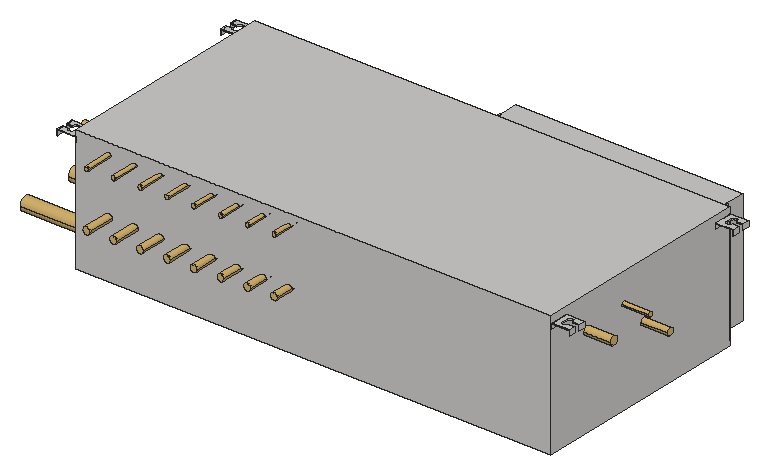
Revit family
Parameters (values of type "CMB-P108NU-GA")
  Width = 1111.25 mm
  URL = ""
  Subcategory = "HVAC"
  Specification URL = "http://www.mrslim.com/customerCare/resources.asp"
  Single Branch Maximum Capacity (BTUH) = "540000"
  Refrigerant Sub BC Controller ≤ 72,000 Btu/h Low Pressure Pipe = "3/4\" Brazed"
  Refrigerant Sub BC Controller ≤ 72,000 Btu/h Liquid Pipe = "3/8\" Brazed"
  Refrigerant Sub BC Controller ≤ 72,000 Btu/h High Pressure Pipe = "5/8\" Brazed"
  Refrigerant Sub BC Controller between 73,000 and 108,000 Btu/h Low Pressure Pipe = "3/8\" Brazed"
  Refrigerant Sub BC Controller between 73,000 and 108,000 Btu/h Liquid Pressure Pipe = "7/8\" Brazed"
  Refrigerant Sub BC Controller between 73,000 and 108,000 Btu/h High Pressure Pipe = "3/4\" Brazed"
  Refrigerant Sub BC Controller between 109,000 and 126,000 Btu/h Low Pressure Pipe = "1-1/8\" Brazed"
  Refrigerant Sub BC Controller between 109,000 and 126,000 Btu/h Liquid Pressure Pipe = "1/2\" Brazed"
  Refrigerant Sub BC Controller between 109,000 and 126,000 Btu/h High Pressure Pipe = "3/4\" Brazed"
  Refrigerant Outdoor and Water-source Units P96/P108 Low Pressure Pipe = "7/8\" Brazed"
  Refrigerant Outdoor and Water-source Units P96/P108 High Pressure Pipe = "3/4\" Brazed"
  Refrigerant Outdoor and Water-source Units P72 Low Pressure Pipe = "3/4\" Brazed"
  Refrigerant Outdoor and Water-source Units P72 High Pressure Pipe = "5/8\" Brazed"
  Refrigerant Outdoor and Water-source Units P204/P216/P234 Low Pressure Pipe = "1-1/8\" Brazed"
  Refrigerant Outdoor and Water-source Units P204/P216/P234 High Pressure Pipe = "1-1/8\" Brazed"
  Refrigerant Outdoor and Water-source Units P144/P168/P192 Low Pressure Pipe = "7/8\" Brazed"
  Refrigerant Outdoor and Water-source Units P144/P168/P192 High Pressure Pipe = "1-1/8\" Brazed"
  Refrigerant Outdoor and Water-source Units P126 Low Pressure Pipe = "1-1/8\" Brazed"
  Refrigerant Outdoor and Water-source Units P126 High Pressure Pipe = "3/4\" Brazed"
  Refrigerant Indoor Unit Liquid Pipe = "3/8\" Flare"
  Refrigerant Indoor Unit Gas Pipe = "5/8\" Flare"
  Maximum Connected Capacity (BTUH) = "360000"
  Manufacturer URL = "http://www.mrslim.com/customerCare/resources.asp"
  Installation URL = "http://www.mrslim.com/customerCare/resources.asp"
  External Finish = Galvanized Steel Plate
  Sub BC Controller Low Pressure Pipe Radius = Sub BC Controller Low Pressure Pipe Diameter / 2  # 9.525 mm
  Sub BC Controller Low Pressure Pipe Diameter = 19.05 mm
  Sub BC Controller Liquid Pipe Radius = Sub BC Controller Liquid Pipe Diameter / 2  # 4.763 mm
  Sub BC Controller Liquid Pipe Diameter = 9.525 mm
  Sub BC Controller High Pressure Pipe Radius = Sub BC Controller High Pressure Pipe Diameter / 2  # 7.938 mm
  Sub BC Controller High Pressure Pipe Diameter = 15.875 mm
  SmartBIM Object Version = 3  # constant formula
  SmartBIM Object Created By = "Reed Construction Data"  # constant formula
  Refrigerant = "R410A"  # constant formula
  Power Source = "208/230, 1, 60"  # constant formula
  Power Input Heating = "0.053 kW/h"
  Power Input Cooling = "0.112 kW/h"
  Number of Ports = 8
  Unit Weight (LBS) = "122"
  Model = "CMB-P108NU-GA"
  MCA = "0.68/0.61"
  MOCP = "15"
  Manufacturer = "Mitsubishi Electric"  # constant formula
  Joint Pipe Adapter (Port connector)(OPtion1) = "CMY-R160-J"  # constant formula
  Height = 290.513 mm
  Drainpipe Radius = Drainpipe Diameter / 2  # 15.875 mm
  Drainpipe Outdoor = "1-1/4\" / 32 mm"
  Drainpipe Diameter = 31.75 mm
  Description = "Main Circuit Controller"  # constant formula
  Depth = 520.7 mm
  Default Elevation = 1219.2 mm
  Current Heating = "0.25 / 0.23 A"
  Current Cooling = "0.54 / 0.49 A"
  Pipe = Cold Brass
  Outdoor and Water Source Units Low Pressure Pipe Radius = Outdoor and Water Source Units Low Pressure Pipe Diameter / 2  # 9.525 mm
  Outdoor and Water Source Units Low Pressure Pipe Diameter = 19.05 mm
  Outdoor and Water Source Units High Pressure Pipe Radius = Outdoor and Water Source Units High Pressure Pipe Diameter / 2  # 7.938 mm
  Outdoor and Water Source Units High Pressure Pipe Diameter = 15.875 mm
  Indoor Unit Gas Pipe Radius = Indoor Unit Gas Pipe Diameter / 2  # 7.938 mm
  Indoor Unit Liquid Pipe Radius = Indoor Unit Liquid Pipe Diameter / 2  # 4.763 mm
  Indoor Unit Liquid Pipe Diameter = 9.525 mm
  Indoor Unit Gas Pipe Diameter = 15.875 mm
  Condensate Pump(Option3) = "SI1730-230"  # constant formula
  Branch Joint (T-Branch)(Option2) = "CMY-Y102S-G2"  # constant formula
  Assembly Code = "D3050200"
  95 CSI = "15760"  # constant formula
  04 CSI = "23 60 00"  # constant formula
Types (5, lengths in mm): name | Refrigerant Indoor Unit Liquid Pipe | Refrigerant Indoor Unit Gas Pipe | Power Input Heating | Power Input Cooling | Number of Ports | Unit Weight (LBS) | Model | MCA | MOCP | Drainpipe Outdoor | Current Heating | Current Cooling
  (no name) | "3/8\" Flare" | "5/8\" Flare" | "0.053 kW/h" | "0.112 kW/h" | 8 | "122" | "CMB-P108NU-GA" | "0.68/0.61" | "15" | "1-1/4\" / 32 mm" | "0.25 / 0.23 A" | "0.54 / 0.49 A"
  CMB-P108NU-GA | "3/8\" Flare" | "5/8\" Flare" | "0.053 kW/h" | "0.112 kW/h" | 8 | "122" | "CMB-P108NU-GA" | "0.68/0.61" | "15" | "1-1/4\" / 32 mm" | "0.25 / 0.23 A" | "0.54 / 0.49 A"
  CMB-P1010NU-GA | "3/8\" Flare" | "5/8\" Flare" | "0.066 kW/h" | "0.138 kW/h" | 10 | "132" | "CMB-P1010NU-GA" | "0.84/0.75" | "15" | "1-1/4\"" | "0.32 / 0.29 A" | "0.66 / 0.60 A"
  CMB-P1013NU-GA | "3/8\" / Flare" | "5/8\" / Flare" | "0.053 kW/h" | "0.178 kW/h" | 13 | "148" | "CMB-P1013NU-GA" | "1.08/0.98" | "15" | "1-1/4\"" | "0.41 / 0.37 A" | "0.86 / 0.77 A"
  CMB-P1016NU-GA | "3/8\"  Flare" | "5/8\"  Flare" | "0.106 kW/h" | "0.217 kW/h" | 16 | "162" | "CMB-P1016NU-GA" | "1.31/1.19" | "15 A" | "1-1/4\"" | "0.51 / 0.46 A" | "1.04 / 0.94 A"
Reference planes
  plane 1 "Center (Front/Back)": y = 83.043
  plane 2: z = 0
  plane 3: x = -475.499
  plane 4: y = 343.393
  plane 5: y = -177.307
  plane 6: z = 290.513
  plane 7: z = 287.337
  plane 8: z = 3.175
  plane 9: x = -399.499
  plane 10: z = 263.513
  plane 11: x = -339.499
  plane 12: z = 133.513
  plane 13: y = -8.307
  plane 14: z = 245.513
  plane 15: y = -74.307
  plane 16: z = 232.513
  plane 17: y = 70.693
  plane 18: z = 162.513
  plane 19: y = -61.307
  plane 20: y = 66.693
  plane 21: y = 413.393
  plane 22: y = 349.743
  plane 23: z = 277.813
  plane 24: z = 12.7
  plane 25: y = -241.307
  plane 26: z = 21.25
  plane 27: x = -675.499
  plane 28: x = -539.499
  plane 29: x = -279.499
  plane 30: x = -219.499
  plane 31: x = -159.499
  plane 32: x = -99.499
  plane 33: x = -39.499
  plane 34: x = 20.501
  plane 35: z = 216.513
  plane 36: y = 32.693
  plane 37: z = 224.513
  plane 38: y = 90.693
  plane 39: y = 1049.743
  plane 40: x = 634.957
  plane 41: x = 834.957
  plane 42: x = 434.957
  plane 43: y = 599.743
  plane 44: x = -15.043
Forms (mm)
  Extrusion 1, solid, material "Galvanized Steel Plate" <- "External Finish"
    sketch origin (0, 0, 0) x (1, 0, 0) y (0, 1, 0)
      loop
        line (-475.499, 343.393) -> (-475.499, -177.307) -> (634.957, -177.307) -> (634.957, 343.393) -> (-475.499, 343.393)
      loop
        line (-472.324, 340.218) -> (-472.324, -174.132) -> (631.782, -174.132) -> (631.782, 340.218) -> (-472.324, 340.218)
    from 0 to 290.512
  Extrusion 2, solid, material "Galvanized Steel Plate" <- "External Finish"
    sketch origin (0, 0, 0) x (1, 0, 0) y (0, 1, 0)
      loop
        line (-475.499, 343.393) -> (-475.499, -177.307) -> (634.957, -177.307) -> (634.957, 343.393) -> (-475.499, 343.393)
    from 287.337 to 290.512
  Extrusion 3, solid, material "Galvanized Steel Plate" <- "External Finish"
    sketch origin (0, 0, 0) x (1, 0, 0) y (0, 1, 0)
      loop
        line (634.957, 343.393) -> (-475.499, 343.393) -> (-475.499, -177.307) -> (634.957, -177.307) -> (634.957, 343.393)
    from 0 to 3.175
  Extrusion 4, solid, material "Galvanized Steel Plate" <- "External Finish"
    sketch origin (0, 0, 0) x (1, 0, 0) y (0, 1, 0)
      loop
        line (79.729, 413.393) -> (79.729, 349.743) -> (609.557, 349.743) -> (609.557, 413.393) -> (79.729, 413.393)
    from 12.7 to 277.813
  Extrusion 5, solid, material "Galvanized Steel Plate" <- "External Finish"
    sketch origin (0, 0, 0) x (1, 0, 0) y (0, 1, 0)
      loop
        line (79.729, 368.793) -> (78.141, 368.793) -> (78.141, 344.981) -> (54.329, 344.981) -> (54.329, 343.393) -> (79.729, 343.393) -> (79.729, 368.793)
      loop
        line (609.557, 368.793) -> (609.557, 343.393) -> (634.957, 343.393) -> (634.957, 344.981) -> (611.145, 344.981) -> (611.145, 368.793) -> (609.557, 368.793)
    from 12.7 to 277.813
  Extrusion 6, solid, material "Cold Brass" <- "Pipe"
    sketch origin (-244.271, -133.279, 1.488) x (1, 0, 0) y (0, 0, 1)
      loop
        circle (-155.228, 132.024) r 7.938
    from 44.028 to 108.028
  Extrusion 7, solid, material "Cold Brass" <- "Pipe"
    sketch origin (-244.271, -133.279, 6.512) x (1, 0, 0) y (0, 0, 1)
      loop
        circle (-155.228, 257) r 4.763
    from 44.028 to 108.028
  Extrusion 8, solid, material "Cold Brass" <- "Pipe"
    sketch origin (-475.499, 343.393, 0) x (0, -1, 0) y (0, 0, 1)
      loop
        circle (417.7, 21.25) r 15.875
    from 0 to 200
  Extrusion 9, solid, material "Cold Brass" <- "Pipe"
    sketch origin (-475.499, 488.393, 0) x (0, -1, 0) y (0, 0, 1)
      loop
        circle (421.7, 21.25) r 15.875
    from 0 to 200
  Extrusion 10, solid, material "Cold Brass" <- "Pipe"
    sketch origin (79.729, 0, 0) x (0, 1, 0) y (0, 0, 1)
      loop
        circle (70.693, 162.513) r 7.938
    from -619.228 to -555.228
  Extrusion 11, solid, material "Cold Brass" <- "Pipe"
    sketch origin (79.729, 0, 0) x (0, 1, 0) y (0, 0, 1)
      loop
        circle (-74.307, 232.513) r 9.525
    from -619.228 to -555.228
  Extrusion 12, solid, material "Cold Brass" <- "Pipe"
    sketch origin (355.339, 0, 0) x (0, 1, 0) y (0, 0, -1)
      loop
        circle (90.693, -162.513) r 7.938
    from -343.618 to -279.618
  Extrusion 13, solid, material "Cold Brass" <- "Pipe"
    sketch origin (355.339, 0, 0) x (0, 1, 0) y (0, 0, -1)
      loop
        circle (32.693, -224.513) r 4.763
    from -343.618 to -279.618
  Extrusion 14, solid, material "Cold Brass" <- "Pipe"
    sketch origin (355.339, 0, 0) x (0, 1, 0) y (0, 0, -1)
      loop
        circle (-74.307, -216.513) r 9.525
    from -343.618 to -279.618
  Extrusion 15, solid, material "Cold Brass" <- "Pipe"
    sketch origin (-184.271, -129.943, 6.512) x (1, 0, 0) y (0, 0, 1)
      loop
        circle (-155.228, 257) r 4.763
    from 44.028 to 108.028
  Extrusion 16, solid, material "Cold Brass" <- "Pipe"
    sketch origin (-124.271, -126.607, 6.512) x (1, 0, 0) y (0, 0, 1)
      loop
        circle (-155.228, 257) r 4.763
    from 44.028 to 108.028
  Extrusion 17, solid, material "Cold Brass" <- "Pipe"
    sketch origin (-64.271, -123.271, 6.512) x (1, 0, 0) y (0, 0, 1)
      loop
        circle (-155.228, 257) r 4.763
    from 44.028 to 108.028
  Extrusion 18, solid, material "Cold Brass" <- "Pipe"
    sketch origin (-4.271, -119.935, 6.512) x (1, 0, 0) y (0, 0, 1)
      loop
        circle (-155.228, 257) r 4.763
    from 44.028 to 108.028
  Extrusion 19, solid, material "Cold Brass" <- "Pipe"
    sketch origin (55.729, -116.599, 6.512) x (1, 0, 0) y (0, 0, 1)
      loop
        circle (-155.228, 257) r 4.763
    from 44.028 to 108.028
  Extrusion 20, solid, material "Cold Brass" <- "Pipe"
    sketch origin (115.729, -113.263, 6.512) x (1, 0, 0) y (0, 0, 1)
      loop
        circle (-155.228, 257) r 4.763
    from 44.028 to 108.028
  Extrusion 21, solid, material "Cold Brass" <- "Pipe"
    sketch origin (175.729, -109.927, 6.512) x (1, 0, 0) y (0, 0, 1)
      loop
        circle (-155.228, 257) r 4.763
    from 44.028 to 108.028
  Extrusion 22, solid, material "Cold Brass" <- "Pipe"
    sketch origin (-184.271, -129.943, 1.488) x (1, 0, 0) y (0, 0, 1)
      loop
        circle (-155.228, 132.024) r 7.938
    from 44.028 to 108.028
  Extrusion 23, solid, material "Cold Brass" <- "Pipe"
    sketch origin (-124.271, -126.607, 1.488) x (1, 0, 0) y (0, 0, 1)
      loop
        circle (-155.228, 132.024) r 7.938
    from 44.028 to 108.028
  Extrusion 24, solid, material "Cold Brass" <- "Pipe"
    sketch origin (-64.271, -123.271, 1.488) x (1, 0, 0) y (0, 0, 1)
      loop
        circle (-155.228, 132.024) r 7.938
    from 44.028 to 108.028
  Extrusion 25, solid, material "Cold Brass" <- "Pipe"
    sketch origin (-4.271, -119.935, 1.488) x (1, 0, 0) y (0, 0, 1)
      loop
        circle (-155.228, 132.024) r 7.938
    from 44.028 to 108.028
  Extrusion 26, solid, material "Cold Brass" <- "Pipe"
    sketch origin (55.729, -116.599, 1.488) x (1, 0, 0) y (0, 0, 1)
      loop
        circle (-155.228, 132.024) r 7.938
    from 44.028 to 108.028
  Extrusion 27, solid, material "Cold Brass" <- "Pipe"
    sketch origin (115.729, -113.263, 1.488) x (1, 0, 0) y (0, 0, 1)
      loop
        circle (-155.228, 132.024) r 7.938
    from 44.028 to 108.028
  Extrusion 28, solid, material "Cold Brass" <- "Pipe"
    sketch origin (175.729, -109.927, 1.488) x (1, 0, 0) y (0, 0, 1)
      loop
        circle (-155.228, 132.024) r 7.938
    from 44.028 to 108.028
Cuts and joins
  joined: Extrusion 1, Extrusion 2, Extrusion 3
Lines and regions (mm)
  symbolic lines, style "Clearances"
    curve 1: line (834.957, -177.307, 0) -> (834.957, 1049.743, 0)
    curve 2: line (834.957, 1049.743, 0) -> (-675.499, 1049.743, 0)
    curve 3: line (-675.499, 1049.743, 0) -> (-675.499, -177.307, 0)
    curve 4: line (-675.499, -177.307, 0) -> (834.957, -177.307, 0)
    curve 5: line (-475.499, -177.307, 0) -> (-475.499, 343.393, 0)
    curve 6: line (-475.499, 343.393, 0) -> (634.957, 343.393, 0)
    curve 7: line (634.957, 343.393, 0) -> (634.957, -177.307, 0)
    curve 8: line (-15.043, 1049.743, 0) -> (-15.043, 599.743, 0)
    curve 9: line (-15.043, 599.743, 0) -> (434.957, 599.743, 0)
    curve 10: line (434.957, 599.743, 0) -> (434.957, 1049.743, 0)
    curve 11: line (-15.043, 599.743, 0) -> (434.957, 1049.743, 0)
    curve 12: line (434.957, 599.743, 0) -> (-15.043, 1049.743, 0)
Dimensions and locks
  equal spacing: plane 4, plane 1 "Center (Front/Back)", plane 5
  "Depth": plane 4 to plane 5
  "Height": plane 6 to plane 2
  locked: plane 4 to Extrusion 1 sketch curve at 3.175
  locked: plane 3 to Extrusion 1 sketch curve at 3.175
  locked: Extrusion 1 sketch curve to plane 5 at 3.175
  locked: plane 6 to plane 7 at 3.175
  locked: plane 8 to plane 2 at 3.175
  locked: plane 9 to plane 3 at 76
  locked: plane 6 to plane 10 at 27
  locked: plane 6 to plane 14 at 45
  locked: plane 13 to plane 5 at 169
  locked: plane 10 to plane 12 at 130
  locked: plane 15 to plane 5 at 103
  locked: plane 6 to plane 16 at 58
  locked: plane 17 to plane 5 at 248
  locked: plane 6 to plane 18 at 128
  locked: plane 19 to plane 5 at 116
  locked: plane 20 to plane 19 at 128
  locked: plane 21 to plane 4 at 70
  locked: plane 22 to plane 4 at 6.35
  locked: plane 6 to plane 23 at 12.7
  locked: plane 24 to plane 2 at 12.7
  locked: Extrusion 5 sketch curve to Extrusion 5 sketch curve at 23.812
  Extrusion 5 sketch curve to Extrusion 5 sketch curve to plane 4 = 23.812 mm locked, 1.588 mm locked
  locked: plane 5 to plane 25 at 64
  locked: plane 26 to plane 2 at 21.25
  locked: plane 27 to plane 3 at 200
  locked: plane 28 to plane 3 at 64
  plane 34 to plane 33 to plane 32 to plane 31 to plane 30 to plane 29 to plane 11 to plane 9 = 60 mm locked, 60 mm locked, 60 mm locked, 60 mm locked, 60 mm locked, 60 mm locked, 60 mm locked
  locked: plane 6 to plane 35 at 74
  locked: plane 5 to plane 36 at 210
  locked: plane 6 to plane 37 at 66
  locked: plane 5 to plane 38 at 268
  plane 6 to plane 10 = 27 mm
  plane 10 to plane 12 = 130 mm
  locked: Extrusion 7 to plane 9 at 4.762
  equal spacing: group 1, group 2, group 3, group 4, group 5, group 6, group 7, group 8  (x3)
  locked: Extrusion 15 to plane 11 at 4.762
  locked: Extrusion 6 to plane 9 at 7.937
  equal spacing: group 9, group 10, group 11, group 12, group 13, group 14, group 15, group 16  (x3)
  locked: Extrusion 22 to plane 11 at 7.937
  locked: plane 40 to curve 1 at 200
  locked: plane 39 to plane 22 at 700
  locked: curve 3 to plane 3 at 200
  locked: plane 39 to plane 43 at 450
  locked: plane 42 to plane 40 at 200
  locked: plane 44 to plane 42 at 450
  "Indoor Unit Gas Pipe Radius": radius of Extrusion 6 sketch curve
  "Indoor Unit Liquid Pipe Radius": radius of Extrusion 7 sketch curve
  "Drainpipe Radius": radius of Extrusion 8 sketch curve
  "Drainpipe Radius": radius of Extrusion 9 sketch curve
  "Outdoor and Water Source Units High Pressure Pipe Radius": radius of Extrusion 10 sketch curve
  "Outdoor and Water Source Units Low Pressure Pipe Radius": radius of Extrusion 11 sketch curve
  "Sub BC Controller High Pressure Pipe Radius": radius of Extrusion 12 sketch curve
  "Sub BC Controller Low Pressure Pipe Radius": radius of Extrusion 14 sketch curve
  "Sub BC Controller Liquid Pipe Radius": radius of Extrusion 13 sketch curve
  "Indoor Unit Liquid Pipe Radius": radius of Extrusion 15 sketch curve
  "Indoor Unit Liquid Pipe Radius": radius of Extrusion 16 sketch curve
  "Indoor Unit Liquid Pipe Radius": radius of Extrusion 17 sketch curve
  "Indoor Unit Liquid Pipe Radius": radius of Extrusion 18 sketch curve
  "Indoor Unit Liquid Pipe Radius": radius of Extrusion 19 sketch curve
  "Indoor Unit Liquid Pipe Radius": radius of Extrusion 20 sketch curve
  "Indoor Unit Liquid Pipe Radius": radius of Extrusion 21 sketch curve
  "Indoor Unit Gas Pipe Radius": radius of Extrusion 22 sketch curve
  "Indoor Unit Gas Pipe Radius": radius of Extrusion 23 sketch curve
  "Indoor Unit Gas Pipe Radius": radius of Extrusion 24 sketch curve
  "Indoor Unit Gas Pipe Radius": radius of Extrusion 25 sketch curve
  "Indoor Unit Gas Pipe Radius": radius of Extrusion 26 sketch curve
  "Indoor Unit Gas Pipe Radius": radius of Extrusion 27 sketch curve
  "Indoor Unit Gas Pipe Radius": radius of Extrusion 28 sketch curve
  aligned and locked: plane 2 to level
  aligned and locked: Extrusion 1 sketch curve to plane 4
  aligned and locked: plane 3 to Extrusion 1 sketch curve
  aligned and locked: plane 5 to Extrusion 1 sketch curve
  aligned and locked: plane 6 to Extrusion 1
  aligned and locked: Extrusion 1 to plane 2
  aligned and locked: Extrusion 2 sketch curve to Extrusion 1  (x4)
  aligned and locked: plane 6 to Extrusion 2
  aligned and locked: Extrusion 2 to plane 7
  aligned and locked: Extrusion 3 sketch curve to Extrusion 2  (x4)
  aligned and locked: Extrusion 3 to plane 2
  aligned and locked: plane 8 to Extrusion 3
  aligned and locked: plane 4 to nested 1
  aligned and locked: nested 1 to plane 10
  aligned and locked: plane 10 to nested 2
  aligned and locked: plane 5 to nested 2
  aligned and locked: nested 4 to plane 10
  aligned and locked: plane 10 to nested 3
  aligned and locked: nested 4 to plane 5
  aligned and locked: nested 3 to plane 4
  aligned and locked: plane 3 to nested 1
  aligned and locked: nested 2 to plane 3
  aligned and locked: Extrusion 4 sketch curve to plane 21
  aligned and locked: Extrusion 4 sketch curve to plane 22
  aligned and locked: Extrusion 4 to plane 24
  aligned and locked: plane 23 to Extrusion 4
  aligned and locked: Extrusion 5 sketch curve to plane 4
  aligned and locked: Extrusion 5 sketch curve to Extrusion 4
  aligned and locked: plane 4 to Extrusion 5 sketch curve
  aligned and locked: Extrusion 5 sketch curve to Extrusion 5 sketch curve  (x2)
  aligned and locked: plane 23 to Extrusion 5
  aligned and locked: Extrusion 5 to plane 24
  aligned and locked: plane 5 to Extrusion 6
  aligned and locked: Extrusion 6 to plane 25
  aligned and locked: plane 5 to Extrusion 7
  aligned and locked: Extrusion 7 to plane 25
  aligned and locked: plane 10 to Extrusion 7  (x2)
  aligned and locked: plane 26 to Extrusion 8 sketch curve
  aligned and locked: plane 15 to Extrusion 8 sketch curve
  aligned and locked: plane 3 to Extrusion 8
  aligned and locked: Extrusion 8 to plane 27
  aligned and locked: plane 26 to Extrusion 9 sketch curve
  aligned and locked: plane 20 to Extrusion 9 sketch curve
  aligned and locked: plane 18 to Extrusion 10 sketch curve
  aligned and locked: plane 17 to Extrusion 10 sketch curve
  aligned and locked: plane 3 to Extrusion 10
  aligned and locked: Extrusion 10 to plane 28
  aligned and locked: plane 16 to Extrusion 11 sketch curve
  aligned and locked: plane 15 to Extrusion 11 sketch curve
  aligned and locked: plane 3 to Extrusion 11
  aligned and locked: Extrusion 11 to plane 28
  aligned and locked: Extrusion 7 to plane 5  (x2)
  aligned and locked: Extrusion 6 to plane 5  (x3)
  aligned and locked: plane 25 to Extrusion 6
  aligned and locked: plane 25 to Extrusion 7
  aligned and locked: plane 35 to Extrusion 14 sketch curve
  aligned and locked: plane 15 to Extrusion 14 sketch curve
  aligned and locked: plane 36 to Extrusion 13 sketch curve
  aligned and locked: plane 37 to Extrusion 13 sketch curve
  aligned and locked: plane 38 to Extrusion 12 sketch curve
  aligned and locked: plane 18 to Extrusion 12 sketch curve
  aligned and locked: plane 10 to Extrusion 15  (x2)
  aligned and locked: plane 12 to Extrusion 6
  aligned and locked: plane 12 to Extrusion 22
  aligned and locked: plane 39 to curve 2
  aligned and locked: plane 5 to curve 4
  aligned and locked: plane 43 to curve 9
  aligned and locked: plane 42 to curve 10
  aligned and locked: plane 44 to curve 8
Automatic sketch dimensions
  plane 34 to Extrusion 1 sketch curve = 611.281 mm
  Extrusion 1 sketch curve to Extrusion 1 sketch curve = 3.175 mm
  plane 34 to Extrusion 4 sketch curve = 59.228 mm
  Extrusion 4 sketch curve to Extrusion 4 sketch curve = 529.828 mm
  plane 34 to Extrusion 5 sketch curve = 59.228 mm
  Extrusion 5 sketch curve to Extrusion 5 sketch curve = 1.588 mm  (x2)
  Extrusion 5 sketch curve to Extrusion 5 sketch curve = 23.812 mm
  curve 5 to plane 3 = 0 mm
  curve 6 to plane 4 = 0 mm
  curve 6 to plane 40 = 0 mm
Nested families
  nested 1: "Family6" at (-497.499, 322.393, 263.513), type "Family6"
  nested 2: "Family6" at (-497.499, -156.307, 263.513), type "Family6"
  nested 3: "Family6" at (656.957, 322.393, 263.513) x (-1, 0, 0) z (0, 0, 1), type "Family6"
  nested 4: "Family6" at (656.957, -156.307, 263.513) x (-1, 0, 0) z (0, 0, 1), type "Family6"
Connectors
  piping at (-675.499, 66.693, 21.25), driven by "Drainpipe Radius"
    settings: on Extrusion 9, index 1
  piping at (-675.499, -74.307, 21.25), driven by "Drainpipe Radius"
    settings: on Extrusion 8, index 2
  piping at (-399.499, -241.307, 263.513), driven by "Indoor Unit Liquid Pipe Radius"
    settings: on Extrusion 7, index 1366
  piping at (-399.499, -241.307, 133.513), driven by "Indoor Unit Gas Pipe Radius"
    settings: on Extrusion 6, index 1352
  piping at (-539.499, 70.693, 162.513), driven by "Outdoor and Water Source Units High Pressure Pipe Radius"
    settings: on Extrusion 10, index 20
  piping at (-539.499, -74.307, 232.513), driven by "Outdoor and Water Source Units Low Pressure Pipe Radius"
    settings: on Extrusion 11, index 21
  piping at (698.957, -74.307, 216.513), driven by "Sub BC Controller Low Pressure Pipe Radius"
    settings: on Extrusion 14, index 22
  piping at (698.957, 32.693, 224.513), driven by "Sub BC Controller Liquid Pipe Radius"
    settings: on Extrusion 13, index 23
  piping at (698.957, 90.693, 162.513), driven by "Sub BC Controller High Pressure Pipe Radius"
    settings: on Extrusion 12, index 24
  electrical at (344.643, 413.393, 145.256)
    settings: on Extrusion 4, index 25
  piping at (-339.499, -237.971, 263.513), driven by "Indoor Unit Liquid Pipe Radius"
    settings: on Extrusion 15, index 1367
  piping at (-279.499, -234.635, 263.513), driven by "Indoor Unit Liquid Pipe Radius"
    settings: on Extrusion 16, index 1368
  piping at (-219.499, -231.299, 263.513), driven by "Indoor Unit Liquid Pipe Radius"
    settings: on Extrusion 17, index 1369
  piping at (-159.499, -227.963, 263.513), driven by "Indoor Unit Liquid Pipe Radius"
    settings: on Extrusion 18, index 1370
  piping at (-99.499, -224.627, 263.513), driven by "Indoor Unit Liquid Pipe Radius"
    settings: on Extrusion 19, index 1371
  piping at (-39.499, -221.291, 263.513), driven by "Indoor Unit Liquid Pipe Radius"
    settings: on Extrusion 20, index 1372
  piping at (20.501, -217.955, 263.513), driven by "Indoor Unit Liquid Pipe Radius"
    settings: on Extrusion 21, index 1344
  piping at (-339.499, -237.971, 133.513), driven by "Indoor Unit Gas Pipe Radius"
    settings: on Extrusion 22, index 1353
  piping at (-279.499, -234.635, 133.512), driven by "Indoor Unit Gas Pipe Radius"
    settings: on Extrusion 23, index 1354
  piping at (-219.499, -231.299, 133.512), driven by "Indoor Unit Gas Pipe Radius"
    settings: on Extrusion 24, index 1355
  piping at (-159.499, -227.963, 133.512), driven by "Indoor Unit Gas Pipe Radius"
    settings: on Extrusion 25, index 1356
  piping at (-99.499, -224.627, 133.512), driven by "Indoor Unit Gas Pipe Radius"
    settings: on Extrusion 26, index 1357
  piping at (-39.499, -221.291, 133.512), driven by "Indoor Unit Gas Pipe Radius"
    settings: on Extrusion 27, index 1358
  piping at (20.501, -217.955, 133.512), driven by "Indoor Unit Gas Pipe Radius"
    settings: on Extrusion 28, index 1314
Definition of nested family "Family6"
  Parameters
    Clamp = Clamp
  Reference planes
    plane 1 "Center (Front/Back)": y = 0
    plane 2: z = 0
    plane 3 "Center (Left/Right)": x = 0
  Forms (mm)
    Extrusion 1, solid, material "Clamp" <- "Clamp"
      sketch origin (0, 0, 0) x (1, 0, 0) y (0, 1, 0)
        loop
          line (7, 6) -> (7, -6)
          arc (7, -6) -> (0, -13) -> (-7, -6) r 7
          line (-7, -6) -> (-22, -6) -> (-22, -21) -> (22, -21) -> (22, 21) -> (-22, 21) -> (-22, 6) -> (-7, 6)
          arc (-7, 6) -> (0, 13) -> (7, 6) r 7
      from 11.153 to 12.74
    Extrusion 2, solid, material "Clamp" <- "Clamp"
      sketch origin (0, 0, 0) x (1, 0, 0) y (0, 1, 0)
        loop
          line (-20.412, 21) -> (-22, 21) -> (-22, 6) -> (-20.412, 6) -> (-20.412, 21)
        loop
          line (-22, -21) -> (-20.412, -21) -> (-20.412, -6) -> (-22, -6) -> (-22, -21)
        loop
          line (22, -21) -> (22, 21) -> (20.412, 21) -> (20.412, -21) -> (22, -21)
      from 0 to 12.74
  Cuts and joins
    joined: Extrusion 1, Extrusion 2
  Dimensions and locks
    Extrusion 1 sketch curve to plane 3 "Center (Left/Right)" to Extrusion 1 sketch curve = 22 mm locked, 22 mm locked
    Extrusion 1 sketch curve to Extrusion 1 sketch curve to plane 1 "Center (Front/Back)" to Extrusion 1 sketch curve to Extrusion 1 sketch curve = 15 mm locked, 6 mm locked, 6 mm locked, 15 mm locked
    locked: Extrusion 1 sketch curve to Extrusion 1 sketch curve at 15  (x2)
    locked: Extrusion 1 sketch curve to plane 1 "Center (Front/Back)" at 13
    locked: plane 1 "Center (Front/Back)" to Extrusion 1 sketch curve at 13
    locked: Extrusion 1 to Extrusion 1 at 1.588
    locked: cut or joined group of Extrusion 1, Extrusion 2 to cut or joined group of Extrusion 1, Extrusion 2 at 1.588  (x2)
    aligned and locked: Extrusion 1 sketch curve to Extrusion 1 sketch curve
    aligned and locked: Extrusion 1 to Extrusion 2 sketch curve
    aligned and locked: Extrusion 2 sketch curve to Extrusion 1
    aligned and locked: Extrusion 1 to Extrusion 2
    aligned and locked: Extrusion 2 to level
